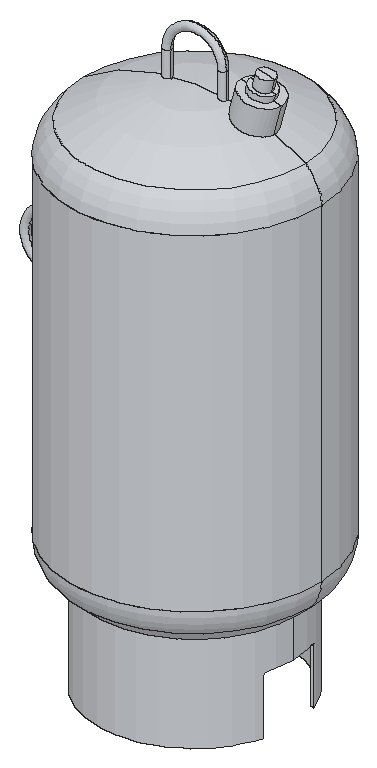
Revit family
Parameters (values of type "WX-85-L 125# W.P.")
  Weight = "92 lbs"
  Tank Volume = "22 Gal"
  Tank Height/Length = 33.938"
  Tank Diameter = 16.000"
  Pipe Connector Diameter = Pipe Connection Radius * 2  # 1.250"
  Pipe Connection Radius = 0.625"
  Model = "WX-85-L"
  Maximum Acceptance Volume = "11 Gal"
  Max Operating Temp = "240 DEG F"
  Max Operating Pressure = "125 PSI"
  Manufacturer = "Amtrol"
  Lifting Ring Location = 33.938" / 2  # 16.969"
  Floor to Elbow Centerline = 1.313"
  Floor to Bottom of Tank = 3.286"
  Bladder/Diaphragm = "Bladder"
  ASME = yes
Types (3): name | Weight | Tank Volume | Tank Height/Length | Model
  (no name) | "92 lbs" | "22 Gal" | 33.938" | "WX-85-L"
  WX-100-L 125# W.P. | "98 lbs" | "26 Gal" | 38.625" | "WX-100-L"
  WX-85-L 125# W.P. | "92 lbs" | "22 Gal" | 33.938" | "WX-85-L"
Reference planes (in)
  plane 1 "Center (Front/Back)": y = 0
  plane 2: z = 0
  plane 3 "Center (Left/Right)": x = 0
Forms (in)
  Revolve 1, solid
    sketch origin (0, 0, 0) x (1, 0, 0) y (0, 0, 1)
      loop
        line (-6.21408, 0) -> (-6.02608, 0) -> (-6.02608, 7.44707) -> (-6.21408, 7.44707) -> (-6.21408, 0)
      axis (0, 0) -> (0, 7.44707)
    angle from 0 to 360
  Revolve 2, solid
    sketch origin (0, 0, 0) x (1, 0, 0) y (0, 0, 1)
      loop
        line (0.6492, 3.3675) -> (0.6492, 4.19707) -> (0, 4.19707) -> (0, 3.3675) -> (0.6492, 3.3675)
      axis (0, 3.3675) -> (0, 4.19707)
    angle from 0 to 360
  Extrusion 3, void
    sketch origin (0, 0, 0) x (0, 1, 0) y (0, 0, 1)
      loop
        line (0, 3.70581) -> (-1.75, 3.70581)
        arc (-1.75, 3.70581) -> (-1.92678, 3.63258) -> (-2, 3.45581) r 0.25
        line (-2, 3.45581) -> (-2, -0.25) -> (2, -0.25) -> (2, 3.45581)
        arc (2, 3.45581) -> (1.92678, 3.63258) -> (1.75, 3.70581) r 0.25
        line (1.75, 3.70581) -> (0, 3.70581)
    from 3.88729 to 12
  Sweep 4, solid
    path origin (0, 0, 0) x (1, 0, 0) y (0, 0, 1)
      loop
        line (0, 2.813) -> (0, 2.511)
        arc (0, 2.511) -> (0.35089, 1.66389) -> (1.198, 1.313) r 1.198
        line (1.198, 1.313) -> (1.5, 1.313)
    profile origin (0, 0, 2.662) x (0, -1, 0) y (1, 0, 0)
      loop
        circle (0, 0) r 0.75
  Revolve 5, solid
    sketch origin (0, 0, 0) x (1, 0, 0) y (0, 0, 1)
      loop
        arc (8, 29.88889) -> (7.69523, 30.99622) -> (6.97852, 31.89366) r 2.85302
        arc (6.97852, 31.89366) -> (3.64531, 33.44851) -> (0, 33.938) r 12.18572
        line (0, 33.938) -> (0, 3.286) -> (3.18292, 3.286) -> (3.18292, 3.786) -> (2.165, 3.786) -> (2.165, 3.982) -> (3.18292, 3.982) -> (3.18292, 4.89275)
        arc (3.18292, 4.89275) -> (3.29039, 4.93727) -> (3.33491, 5.04474) r 0.15199
        arc (3.33491, 5.04474) -> (5.51061, 5.73074) -> (7.34444, 7.0877) r 6.911
        arc (7.34444, 7.0877) -> (7.82992, 7.83527) -> (8, 8.71027) r 2.33578
        line (8, 8.71027) -> (8, 29.88889)
      axis (0, 3.286) -> (0, 33.938)
    angle from 0 to 360
  Revolve 6, solid
    sketch origin (0, 0, 0) x (1, 0, 0) y (0, 0, 1)
      loop
        line (0, 2.813) -> (0.65074, 2.813) -> (0.65074, 4.313) -> (0, 4.313) -> (0, 2.813)
      axis (0, 2.813) -> (0, 4.313)
    angle from 0 to 360
  Revolve 7, solid
    sketch origin (0, 0, 0) x (1, 0, 0) y (0, 0, 1)
      loop
        line (3.71899, 33.13446) -> (4.98039, 32.79647) -> (5.47078, 34.62663) -> (4.98781, 34.75604) -> (5.08486, 35.11823) -> (4.81775, 35.1898) -> (5.01993, 35.94437) -> (4.50861, 36.08137) -> (3.71899, 33.13446)
      axis (3.71899, 33.13446) -> (4.50861, 36.08137)
    angle from 0 to 360
  Sweep 8, solid
    path origin (0, 0, 0) x (1, 0, 0) y (0, 0, 1)
      loop
        line (-1.72794, 33.65652) -> (-1.72794, 35.40652)
        arc (-1.72794, 35.40652) -> (0.02206, 37.15652) -> (1.77206, 35.40652) r 1.75
        line (1.77206, 35.40652) -> (1.77206, 33.65652)
    profile origin (-1.72794, 0, 34.53152) x (-1, 0, 0) y (0, -1, 0)
      loop
        circle (0, 0) r 0.25
  Sweep 9, solid
    path origin (0, 0, 0) x (1, 0, 0) y (0, 0, 1)
      loop
        line (-7.92155, 23.76374) -> (-8.92155, 23.76374)
        arc (-8.92155, 23.76374) -> (-10.67155, 22.01374) -> (-8.92155, 20.26374) r 1.75
        line (-8.92155, 20.26374) -> (-7.92155, 20.26374)
    profile origin (-8.42155, 0, 23.76374) x (0, 0, -1) y (0, -1, 0)
      loop
        circle (0, 0) r 0.25
Cuts and joins
  Extrusion 3 cuts Revolve 1
  Extrusion 3 cuts Revolve 2
Dimensions and locks (in)
  "Floor to Elbow Centerline": Sweep 4 sketch curve to cut or joined group of Revolve 1, Extrusion 3
  "Floor to Bottom of Tank": Revolve 5 sketch curve to cut or joined group of Revolve 1, Extrusion 3
  "Tank Height/Length": Revolve 5 sketch curve to cut or joined group of Revolve 1, Extrusion 3
  Revolve 5 sketch curve to Revolve 5 sketch curve = 9.35369"
  Revolve 7 sketch curve to Revolve 5 = 0.90281"
  Revolve 7 sketch curve to Revolve 5 = 1.2408"
  Revolve 7 sketch curve to Revolve 7 sketch curve = 3.05087"
  Revolve 7 sketch curve to Revolve 7 sketch curve = 2.26969"
  Revolve 7 sketch curve to Revolve 7 sketch curve = 1.89473"
  Sweep 8 sketch curve to Revolve 5 = 1.76286"  (x2)
  "Lifting Ring Location": Sweep 9 sketch curve to Revolve 5
  aligned and locked: plane 1 "Center (Front/Back)" to import instance
  aligned and locked: import instance to plane 3 "Center (Left/Right)"
Automatic sketch dimensions
  Revolve 2 sketch curve to plane 3 "Center (Left/Right)" = 0.000"  (x2)
  plane 3 "Center (Left/Right)" to Revolve 2 sketch curve = 0.6492"
  level to Revolve 2 sketch curve = 3.3675"
  Revolve 2 sketch curve to Revolve 2 sketch curve = 0.000"
  Revolve 2 sketch curve to Revolve 2 sketch curve = 0.82957"
  Revolve 2 sketch curve to Revolve 2 sketch curve = 1.25068"
  Extrusion 3 sketch curve to plane 1 "Center (Front/Back)" = 0.000"
  plane 1 "Center (Front/Back)" to Extrusion 3 sketch curve = 1.750"
  Extrusion 3 sketch curve to Extrusion 3 sketch curve = 0.250"  (x2)
  Extrusion 3 sketch curve to plane 1 "Center (Front/Back)" = 1.750"
  Extrusion 3 sketch curve to level = 0.250"
  level to Extrusion 3 sketch curve = 3.45581"
  Sweep 4 sketch curve to plane 3 "Center (Left/Right)" = 0.000"
  Sweep 4 sketch curve to Sweep 4 sketch curve = 1.198"
  Sweep 4 sketch curve to Sweep 4 sketch curve = 0.302"  (x2)
  plane 1 "Center (Front/Back)" to Sweep 4 sketch curve = 0.000"
  Sweep 4 sketch curve to profile plane = 0.000"
  Revolve 5 sketch curve to plane 3 "Center (Left/Right)" = 0.000"  (x2)
  plane 3 "Center (Left/Right)" to Revolve 5 sketch curve = 0.2195"
  plane 3 "Center (Left/Right)" to Revolve 5 sketch curve = 2.165"
  plane 3 "Center (Left/Right)" to Revolve 5 sketch curve = 2.37308"
  Revolve 5 sketch curve to Revolve 5 sketch curve = 1.01792"
  Revolve 5 sketch curve to Revolve 5 sketch curve = 0.000"  (x3)
  Revolve 5 sketch curve to Revolve 5 sketch curve = 0.15199"
  plane 3 "Center (Left/Right)" to Revolve 5 sketch curve = 5.15317"
  Revolve 5 sketch curve to Revolve 5 sketch curve = 2.32931"
  Revolve 5 sketch curve to Revolve 5 sketch curve = 1.82535"
  Revolve 5 sketch curve to Revolve 5 sketch curve = 1.68022"
  Revolve 5 sketch curve to Revolve 5 sketch curve = 1.02148"
  Revolve 5 sketch curve to Revolve 5 sketch curve = 0.500"
  Revolve 5 sketch curve to Revolve 5 sketch curve = 0.196"
  Revolve 5 sketch curve to Revolve 5 sketch curve = 0.91075"
  Revolve 5 sketch curve to Revolve 5 sketch curve = 0.18791"
  Revolve 5 sketch curve to Revolve 5 sketch curve = 4.64337"
  Revolve 6 sketch curve to plane 3 "Center (Left/Right)" = 0.000"  (x2)
  plane 3 "Center (Left/Right)" to Revolve 6 sketch curve = 0.65074"
  level to Revolve 6 sketch curve = 2.813"
  Revolve 6 sketch curve to Revolve 6 sketch curve = 0.000"
  Revolve 6 sketch curve to Revolve 6 sketch curve = 1.500"
  Revolve 6 sketch curve to Revolve 6 sketch curve = 0.500"
  Revolve 1 sketch curve to level = 0.000"  (x2)
  Revolve 1 sketch curve to plane 3 "Center (Left/Right)" = 0.000"
  Revolve 1 sketch curve to plane 3 "Center (Left/Right)" = 6.02608"
  Revolve 1 sketch curve to Revolve 1 sketch curve = 0.188"
  level to Revolve 1 sketch curve = 7.44707"
  Revolve 1 sketch curve to Revolve 1 sketch curve = 1.05293"
  plane 3 "Center (Left/Right)" to Revolve 7 sketch curve = 3.71899"
  Revolve 7 sketch curve to Revolve 7 sketch curve = 0.01295"
  Revolve 7 sketch curve to Revolve 7 sketch curve = 0.78962"
  Revolve 7 sketch curve to Revolve 7 sketch curve = 0.16799"
  Revolve 7 sketch curve to Revolve 7 sketch curve = 0.65303"
  Revolve 7 sketch curve to Revolve 7 sketch curve = 0.17006"
  Revolve 7 sketch curve to Revolve 7 sketch curve = 0.04834"
  Revolve 7 sketch curve to Revolve 7 sketch curve = 0.62696"
  plane 1 "Center (Front/Back)" to Sweep 8 sketch curve = 0.000"
  Sweep 8 sketch curve to profile plane = 0.000"
  Sweep 8 sketch curve to Sweep 8 sketch curve = 1.750"
  plane 3 "Center (Left/Right)" to Sweep 8 sketch curve = 0.02206"
  Sweep 8 sketch curve to plane 3 "Center (Left/Right)" = 1.72794"
  Sweep 9 sketch curve to plane 3 "Center (Left/Right)" = 8.92155"
  Sweep 9 sketch curve to Sweep 9 sketch curve = 1.000"  (x2)
  Sweep 9 sketch curve to Sweep 9 sketch curve = 1.750"
  Sweep 9 sketch curve to plane 1 "Center (Front/Back)" = 0.000"
  Sweep 9 sketch curve to profile plane = 0.000"
  radius of Sweep 4 sketch curve = 0.750"
  radius of Sweep 8 sketch curve = 0.250"
  radius of Sweep 9 sketch curve = 0.250"
Connectors (in)
  piping at (1.5, 0, 1.313), driven by "Pipe Connection Radius"
    settings: on Sweep 4, index 1
